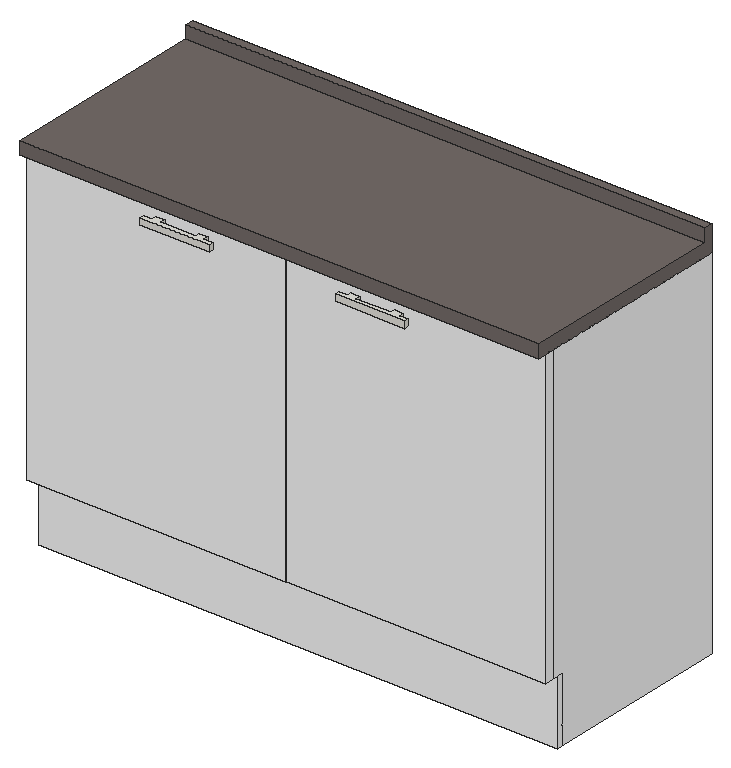
Revit family
Parameters (values of type "MAKE-UP 4000 BASE 02 (1000*500*1200) 2")
  Assembly Code = ""
  Manufacturer = "HANSSEM"
  Model = "MAKE-UP 4000 BASE"
  Width = 1200 mm
  upper face material = MARBL25
  side material = white shine
  support material = white shine
  knob material = Chrome, 2
  Height = 862 mm
  drawer material = white shine
  Depth = 500 mm
Reference planes
  plane 1 "중심(앞/뒤)": y = 0
  plane 2: z = 0
  plane 3 "중심(왼쪽/오른쪽)": x = 0
  plane 4: y = 300
  plane 5: y = -200
  plane 6: x = -600
  plane 7: x = 600
  plane 8: z = 862
  plane 9: x = -560
  plane 10: x = 560
  plane 11: y = 295
  plane 12: y = 275
  plane 13: y = -280
  plane 14: y = -278
  plane 15: z = 832
  plane 16: z = 150
  plane 17: x = -2
  plane 18: x = 2
  plane 19: z = 830
  plane 20: x = -226
  plane 21: x = 226
  plane 22: x = -306
  plane 23: x = -146
  plane 24: x = 306
  plane 25: x = 146
  plane 26: z = 815
  plane 27: z = 800
  plane 28: y = -245
  plane 29: y = -233
  plane 30: z = 892
  plane 31: y = 280
  plane 32: y = -320
Forms (mm)
  Extrusion 1, solid, material "white shine" <- "side material"
    sketch origin (0, 0, 0) x (1, 0, 0) y (0, 1, 0)
      loop
        line (-560, 295) -> (-560, 275) -> (560, 275) -> (560, 295) -> (-560, 295)
    from 0 to 832
  Extrusion 2, solid, material "white shine" <- "drawer material"
    sketch origin (0, 100, 0) x (1, 0, 0) y (0, 1, 0)
      loop
        line (-600, -280) -> (-2, -280) -> (-2, -260) -> (-600, -260) -> (-600, -280)
      loop
        line (600, -280) -> (600, -260) -> (2, -260) -> (2, -280) -> (600, -280)
    from 150 to 830
  Extrusion 3, solid, material "white shine" <- "side material"
    sketch origin (0, 0, 0) x (0, 1, 0) y (0, 0, 1)
      loop
        line (300, 832) -> (-178, 832) -> (-178, 150) -> (-133, 150) -> (-133, 0) -> (300, 0) -> (300, 832)
    from 560 to 600
  Extrusion 4, solid, material "white shine" <- "side material"
    sketch origin (0, 0, 0) x (0, 1, 0) y (0, 0, -1)
      loop
        line (300, -832) -> (300, 0) -> (-133, 0) -> (-133, -150) -> (-178, -150) -> (-178, -832) -> (300, -832)
    from 560 to 600
  Extrusion 5, solid, material "white shine" <- "support material"
    sketch origin (0, 100, 0) x (1, 0, 0) y (0, 1, 0)
      loop
        line (-600, -233) -> (-600, -245) -> (600, -245) -> (600, -233) -> (-600, -233)
    from 0 to 150
  Extrusion 6, solid, material "MARBL25" <- "upper face material"
    sketch origin (0, 0, 0) x (0, 1, 0) y (0, 0, 1)
      loop
        line (300, 832) -> (300, 892) -> (280, 892) -> (280, 862) -> (-200, 862) -> (-200, 832) -> (300, 832)
    from -600 to 600
  Extrusion 7, solid, material "Chrome, 2" <- "knob material"
    sketch origin (0, 0, 0) x (1, 0, 0) y (0, 1, 0)
      loop
        line (-286, -200) -> (-286, -210) -> (-306, -210) -> (-306, -220) -> (-146, -220) -> (-146, -210) -> (-166, -210) -> (-166, -200) -> (-186, -200) -> (-186, -210) -> (-266, -210) -> (-266, -200) -> (-286, -200)
      loop
        line (286, -200) -> (266, -200) -> (266, -210) -> (186, -210) -> (186, -200) -> (166, -200) -> (166, -210) -> (146, -210) -> (146, -220) -> (306, -220) -> (306, -210) -> (286, -210) -> (286, -200)
    from 800 to 815
Dimensions and locks
  plane 1 "중심(앞/뒤)" to plane 4 = 300 mm
  "Depth": plane 5 to plane 4
  "Height": plane 8 to level
  plane 6 to plane 9 = 40 mm
  plane 10 to plane 7 = 40 mm
  "Width": plane 6 to plane 7
  plane 23 to plane 3 "중심(왼쪽/오른쪽)" to plane 25 = 146 mm, 146 mm
  equal spacing: plane 9, plane 3 "중심(왼쪽/오른쪽)", plane 10
  plane 22 to plane 23 = 160 mm
  plane 25 to plane 24 = 160 mm
  plane 9 to plane 22 = 254 mm
  plane 24 to plane 10 = 254 mm
  plane 12 to plane 31 to plane 11 to plane 4 = 5 mm, 15 mm, 5 mm
  plane 30 to plane 8 to plane 15 to plane 19 to plane 26 to plane 27 to plane 16 = 30 mm, 30 mm, 2 mm, 15 mm, 15 mm, 650 mm
  level to plane 16 = 150 mm
  aligned and locked: plane 9 to Extrusion 1 sketch curve
  aligned and locked: Extrusion 1 sketch curve to plane 11
  aligned and locked: plane 12 to Extrusion 1 sketch curve
  aligned and locked: plane 10 to Extrusion 1 sketch curve
  aligned and locked: Extrusion 1 to plane 15
  aligned and locked: plane 6 to Extrusion 2 sketch curve
  aligned and locked: Extrusion 2 sketch curve to plane 17
  aligned and locked: Extrusion 2 to plane 19
  aligned and locked: Extrusion 3 to plane 7
  aligned and locked: plane 10 to Extrusion 3
  aligned and locked: plane 6 to Extrusion 5 sketch curve
  aligned and locked: plane 7 to Extrusion 5 sketch curve
  aligned and locked: Extrusion 5 to plane 16
  aligned and locked: plane 6 to Extrusion 5
  aligned and locked: Extrusion 5 to plane 7
  aligned and locked: plane 11 to Extrusion 1
  aligned and locked: Extrusion 1 to plane 12
  aligned and locked: plane 9 to Extrusion 4
  aligned and locked: Extrusion 3 to plane 10
  aligned and locked: plane 4 to Extrusion 3
  aligned and locked: plane 16 to Extrusion 2
  aligned and locked: Extrusion 6 to plane 7
  aligned and locked: plane 6 to Extrusion 6
  aligned and locked: Extrusion 6 to plane 4
  aligned and locked: Extrusion 6 to plane 5
  aligned and locked: plane 30 to Extrusion 6
  aligned and locked: Extrusion 6 to plane 31
  aligned and locked: plane 15 to Extrusion 6
  aligned and locked: Extrusion 6 to plane 8
  aligned and locked: Extrusion 6 to Extrusion 4
  aligned and locked: Extrusion 3 to Extrusion 6
  aligned and locked: Extrusion 7 to plane 26
  aligned and locked: plane 27 to Extrusion 7
Automatic sketch dimensions
  Extrusion 6 sketch curve to plane 5 = 0 mm
  Extrusion 6 sketch curve to plane 8 = 0 mm
  Extrusion 6 sketch curve to plane 4 = 0 mm
  Extrusion 6 sketch curve to plane 15 = 0 mm
  Extrusion 6 sketch curve to plane 12 = 5 mm
  Extrusion 6 sketch curve to plane 8 = 30 mm
  Extrusion 7 sketch curve to plane 22 = 0 mm
  Extrusion 7 sketch curve to plane 5 = 0 mm  (x4)
  Extrusion 7 sketch curve to plane 23 = 0 mm
  Extrusion 7 sketch curve to Extrusion 7 sketch curve = 20 mm  (x3)
  Extrusion 7 sketch curve to Extrusion 7 sketch curve = 40 mm
  plane 23 to Extrusion 7 sketch curve = 20 mm
  Extrusion 7 sketch curve to plane 25 = 0 mm
  Extrusion 7 sketch curve to plane 24 = 0 mm
  Extrusion 7 sketch curve to plane 25 = 20 mm
  Extrusion 7 sketch curve to plane 21 = 40 mm
  plane 24 to Extrusion 7 sketch curve = 20 mm
  Extrusion 7 sketch curve to Extrusion 7 sketch curve = 10 mm  (x4)
  plane 5 to Extrusion 7 sketch curve = 10 mm  (x4)
  Extrusion 5 sketch curve to plane 5 = 55 mm
  Extrusion 5 sketch curve to Extrusion 5 sketch curve = 12 mm
  Extrusion 3 sketch curve to plane 15 = 0 mm
  Extrusion 3 sketch curve to plane 16 = 0 mm
  Extrusion 3 sketch curve to level = 0 mm
  Extrusion 3 sketch curve to plane 4 = 0 mm
  Extrusion 3 sketch curve to plane 5 = 67 mm
  Extrusion 3 sketch curve to plane 5 = 22 mm
  Extrusion 4 sketch curve to plane 15 = 0 mm
  Extrusion 4 sketch curve to plane 16 = 0 mm
  Extrusion 4 sketch curve to level = 0 mm
  Extrusion 4 sketch curve to plane 4 = 0 mm
  Extrusion 4 sketch curve to plane 5 = 67 mm
  Extrusion 4 sketch curve to plane 5 = 22 mm
  Extrusion 2 sketch curve to plane 18 = 0 mm
  Extrusion 2 sketch curve to plane 7 = 0 mm
  Extrusion 2 sketch curve to plane 5 = 20 mm
  Extrusion 2 sketch curve to Extrusion 2 sketch curve = 0 mm  (x2)
  Extrusion 2 sketch curve to Extrusion 2 sketch curve = 20 mm
